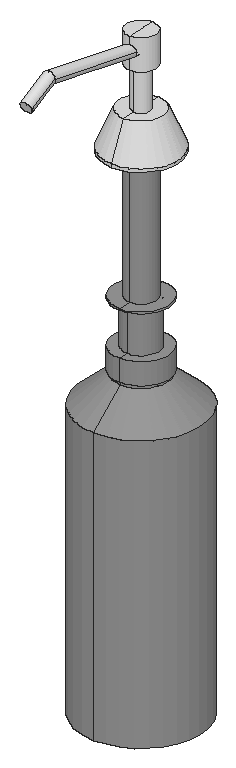
Revit family "SoapDispenser_Metlam_BenchMounted", category Generic Models, host Face, Revit 2013
Parameters (values of type "Metlam Bench Mounted 100")
  Width = 82 mm
  URL = "http://www.metlam.com.au/products/washroom/120"
  StyleOrType_ANZRS = "Sanitary Ware"
  Product Code = "ML 628-4"
  ModifiedIssue_ANZRS = 130318.01
  Model = "Bench Mounted 100"
  Material Nozzle = Plastic, Chrome Plated
  Material Mechanism = Plastic, Black
  Material Container = Plastic, Opaque White
  Manufacturer = "Metlam"
  Keywords = "CAPACITY 950ml"
  Height = 426 mm
  FilterObject_ANZRS = "Soap Dispenser"
  Description = "Lav-Basin Soap Dispenser"
  Depth = 82 mm
  Default Elevation = 900 mm
  CreatedBy_ANZRS = "RubySketch"
  CreatedByURL_ANZRS = "http://www.rubysketch.com/"
  CreatedByPhoneNo_ANZRS = "1300 844 728"
  Assembly Code = "E1090900"
  150mm Spout = no
  100mm Spout = yes
Types (3, lengths in mm): name | Model | 150mm Spout | 100mm Spout
  (no name) | "Bench Mounted 100" | no | yes
  Metlam Bench Mounted 100 | "Bench Mounted 100" | no | yes
  Metlam Bench Mounted 150 | "Bench Mounted 150" | yes | no
Reference planes
  plane 1 "Center (Front/Back)": y = 0
  plane 2: z = 0
  plane 3 "Center (Left/Right)": x = 0
Forms (mm)
  Extrusion 1, void
    sketch origin (0, 0, 0) x (1, 0, 0) y (0, 1, 0)
      loop
        circle (0, 0) r 12
    from 1 to -31
  Revolve 2, solid, material "Plastic, Opaque White" <- "Material Container", detail levels fine
    sketch origin (0, 0, 0) x (0, 1, 0) y (0, 0, 1)
      loop
        line (0, -45) -> (-18, -45) -> (-18, -47) -> (-41, -67) -> (-41, -259) -> (0, -259) -> (0, -45)
      axis (0, -45) -> (0, -259)
    angle from 0 to 360
  Revolve 3, solid, material "Plastic, Black" <- "Material Mechanism", detail levels fine
    sketch origin (0, 0, 0) x (0, 1, 0) y (0, 0, 1)
      loop
        line (0, -45) -> (0, 92) -> (-10, 92) -> (-10, 1) -> (-19, 1) -> (-19, 0) -> (-12, 0) -> (-12, -30) -> (-19, -30) -> (-19, -45) -> (0, -45)
      axis (0, 92) -> (0, -45)
    angle from 0 to 360
  Revolve 4, solid, material "Plastic, Chrome Plated" <- "Material Nozzle", detail levels fine
    sketch origin (0, 0, 0) x (0, 1, 0) y (0, 0, 1)
      loop
        line (0, 92) -> (0, 167) -> (-10, 167) -> (-10, 146) -> (-6, 146) -> (-6, 118) -> (-15, 118) -> (-25.5, 94) -> (-25.5, 92) -> (0, 92)
      axis (0, 167) -> (0, 92)
    angle from 0 to 360
  Sweep 5, solid, material "Plastic, Chrome Plated" <- "Material Nozzle", visible <- "100mm Spout", detail levels fine
    path origin (0, 0, 0) x (0, 1, 0) y (0, 0, 1)
      loop
        line (0, 157) -> (-5, 157) -> (-80, 172) -> (-100, 162)
    profile origin (0, -2.5, 157) x (0, 0, -1) y (1, 0, 0)
      loop
        circle (0, 0) r 4
  Sweep 6, solid, material "Plastic, Chrome Plated" <- "Material Nozzle", visible <- "150mm Spout", detail levels fine
    path origin (0, 0, 0) x (0, 1, 0) y (0, 0, 1)
      loop
        line (0, 157) -> (-5, 157) -> (-130, 172) -> (-150, 162)
    profile origin (0, -2.5, 157) x (0, 0, -1) y (1, 0, 0)
      loop
        circle (0, 0) r 4
Lines and regions (mm)
  Masking region 1
    outline origin (0, 0, 0) x (1, 0, 0) y (0, 1, 0)
      loop
        circle (0, 0) r 41
  Masking region 2
    outline origin (0, 0, 0) x (1, 0, 0) y (0, 1, 0)
      loop
        circle (0, 0) r 25.5
      loop
        circle (0, 0) r 15
      loop
        circle (0, 0) r 10
  Masking region 3, visible <- "100mm Spout"
    outline origin (0, 0, 0) x (1, 0, 0) y (0, 1, 0)
      loop
        spline (-4, -100) -> (-3.864, -100.463) -> (-3.464, -100.894) -> (-2.828, -101.265) -> (-2, -101.549) -> (-1.035, -101.728) -> (0, -101.789) -> (1.035, -101.728) -> (2, -101.549) -> (2.828, -101.265) -> (3.464, -100.894) -> (3.864, -100.463) -> (4, -100)
        line (4, -100) -> (4, -9.165)
        arc (4, -9.165) -> (0, -10) -> (-4, -9.165) r 10
        line (-4, -9.165) -> (-4, -100)
  Masking region 4, visible <- "150mm Spout"
    outline origin (0, -50, 0) x (1, 0, 0) y (0, 1, 0)
      loop
        spline (-4, -100) -> (-3.864, -100.463) -> (-3.464, -100.894) -> (-2.828, -101.265) -> (-2, -101.549) -> (-1.035, -101.728) -> (0, -101.789) -> (1.035, -101.728) -> (2, -101.549) -> (2.828, -101.265) -> (3.464, -100.894) -> (3.864, -100.463) -> (4, -100)
        line (4, -100) -> (4, 40.835)
        arc (4, 40.835) -> (0, 40) -> (-4, 40.835) r 10
        line (-4, 40.835) -> (-4, -100)
Dimensions and locks
  aligned and locked: plane 2 to host face
  aligned and locked: level to host face
